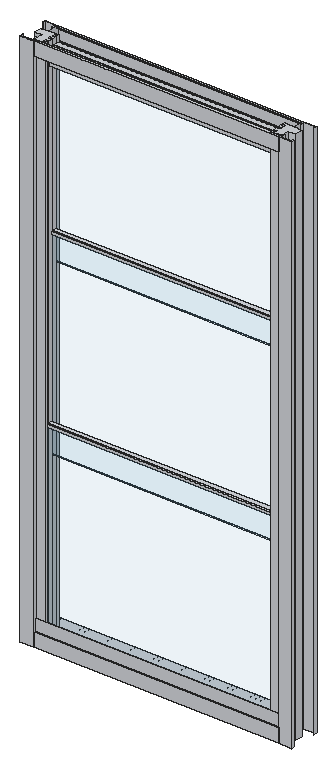
Revit family "ProVista™ Sashless Double Hung Window- SFS FSS SSF FSF", category Windows, host Wall, Revit 2021
Family settings
  Host = Wall
  OmniClass Number = 23.30.20.00
  OmniClass Title = Windows
  Always vertical = Yes
  Cut with Voids When Loaded = No
  Shared = No
  Room Calculation Point = No
Parameters (values of type "SFS")
  YEAR = "2022"  # constant formula
  X1 = 100.000 mm  # constant formula
  Width = 0.000 mm  # constant formula
  URL = "https://www.alspec.com.au/provista-sashless-double-hung-window"
  TOLERANCE = 0.000 mm  # constant formula
  SSF [instance] = yes
  SINGLE GLAZED THICKNESS = 6.000 mm  # constant formula
  SFS [instance] = yes
  Rough Width = 0.000 mm  # constant formula
  Rough Height = 0.000 mm  # constant formula
  Overall Width [instance] = 900.000 mm
  Overall Height [instance] = 1800.000 mm
  Offset [instance] = 0.000 mm
  Model = "ProVista™ Sashless Double Hung Window- SFS FSS SSF FSF"  # constant formula
  Manufacturer = "ALSPEC"
  Height = 0.000 mm  # constant formula
  Glazing Material [instance] = Glass
  Frame Material [instance] = none
  FSS [instance] = yes
  FSF [instance] = yes
  FRAME THICKNESS = 101.600 mm  # constant formula
  Default Sill Height = 900.000 mm
  Wall Closure = By host
  CREATOR = "Viraj Mhatre"  # constant formula
  COMPANY = "ALSPEC"  # constant formula
  BOT PANEL POSITION = 51.500 mm  # constant formula
Types (2, lengths in mm): name | URL | Overall Width | Overall Height | Offset
  TYPICAL | "WWW.ALSPEC.COM.AU" | 1200.000 | 2000.000 | 10.000
  SFS | "https://www.alspec.com.au/provista-sashless-double-hung-window" | 900.000 | 1800.000 | 0.000
Reference planes
  plane 1 "Center (Front/Back)": y = 0
  plane 2 "Center (Left/Right)": x = 0
  plane 3 "Left": x = 0
  plane 4 "Right": x = 0
  plane 5 "Sill": z = 900
  plane 6 "Head": z = 900
  plane 7 "Exterior": y = 100
  plane 8 "Interior": y = -100
  plane 9: x = -450
  plane 10: x = 450
  plane 11: y = 100
  plane 12: z = 900
  plane 13: z = 951.5
  plane 14: y = -1.6
  plane 15: y = 53.2
  plane 16: x = -383.506
  plane 17: x = -405.5
  plane 18: x = 383.506
  plane 19: x = 405.5
  plane 20: z = 2700
  plane 21: x = -343.006
  plane 22: x = 343.006
  plane 23: z = 2646.5
  plane 24 "Panel 2": y = 35.12
  plane 25: y = 17.52
  plane 26: z = 1466.5
  plane 27: z = 1566.5
  plane 28: z = 2081.5
  plane 29: z = 1516.5
  plane 30: z = 2131.5
  plane 31: z = 2031.5
  plane 32: z = 2389
  plane 33: z = 1799
  plane 34: z = 1209
Forms (mm)
  Sweep 1, solid, material <- "Frame Material"
    path origin (-2077.482, 53.2, 1000) x (-1, 0, 0) y (0, 0, 1)
      loop
        line (-1627.482, -100) -> (-1627.482, 1700)
    profile "PV_JAMB FRAME : JAMB FRAME" origin (-450, 53.2, 1800) x (1, 0, 0) y (0, 1, 0)
      loop
        line (0, -54.79) -> (44.5, -54.79) -> (44.5, -46.197) -> (76.465, -46.197) -> (76.465, -38.752) -> (66.494, -38.926) -> (66.494, -32.419) -> (76.465, -32.593) -> (76.465, -21.156) -> (66.504, -21.329) -> (66.504, -14.823) -> (76.465, -14.997) -> (76.465, -3.074) -> (66.504, -3.248) -> (66.504, 3.259) -> (76.465, 3.085) -> (76.465, 9.937) -> (44.5, 9.937) -> (44.5, 46.81) -> (0, 46.81) -> (0, 38.06) -> (3, 38.06) -> (3, 44.96) -> (42.3, 44.96) -> (42.3, 37.955) -> (37.206, 37.955) -> (37.206, 30.265) -> (42.5, 30.265) -> (42.5, 9.946) -> (17.9, 6.926) -> (17.9, -14.906) -> (42.5, -17.926) -> (42.5, -38.245) -> (37.206, -38.245) -> (37.206, -45.928) -> (42.3, -45.928) -> (42.3, -52.94) -> (3, -52.94) -> (3, -46.04) -> (0, -46.04) -> (0, -54.79)
  Sweep 2, solid, material <- "Frame Material"
    path origin (-2077.482, 53.2, 1000) x (-1, 0, 0) y (0, 0, 1)
      loop
        line (-2527.482, -100) -> (-2527.482, 1700)
    profile "PV_JAMB FRAME : JAMB FRAME" origin (450, 53.2, 1800) x (1, 0, 0) y (0, 1, 0)
      loop
        line (0, -54.79) -> (0, -46.04) -> (-3, -46.04) -> (-3, -52.94) -> (-42.3, -52.94) -> (-42.3, -45.928) -> (-37.206, -45.928) -> (-37.206, -38.245) -> (-42.5, -38.245) -> (-42.5, -17.926) -> (-17.9, -14.906) -> (-17.9, 6.926) -> (-42.5, 9.946) -> (-42.5, 30.265) -> (-37.206, 30.265) -> (-37.206, 37.955) -> (-42.3, 37.955) -> (-42.3, 44.96) -> (-3, 44.96) -> (-3, 38.06) -> (0, 38.06) -> (0, 46.81) -> (-44.5, 46.81) -> (-44.5, 9.937) -> (-76.465, 9.937) -> (-76.465, 3.085) -> (-66.504, 3.259) -> (-66.504, -3.248) -> (-76.465, -3.074) -> (-76.465, -14.997) -> (-66.504, -14.823) -> (-66.504, -21.329) -> (-76.465, -21.156) -> (-76.465, -32.593) -> (-66.494, -32.419) -> (-66.494, -38.926) -> (-76.465, -38.752) -> (-76.465, -46.197) -> (-44.5, -46.197) -> (-44.5, -54.79) -> (0, -54.79)
  Sweep 3, solid, material <- "Frame Material"
    path origin (-172.583, 264.351, 2700) x (0, 1, 0) y (-1, 0, 0)
      loop
        line (-211.151, 232.917) -> (-211.151, -578.083)
    profile "PV_HEAD FRAME : HEAD FRAME" origin (0, 53.2, 2700) x (0, 1, 0) y (0, 0, 1)
      loop
        line (46.8, -44.5) -> (46.8, 0) -> (38.05, 0) -> (38.05, -3) -> (44.95, -3) -> (44.95, -42.3) -> (37.938, -42.3) -> (37.938, -37.206) -> (30.255, -37.206) -> (30.255, -42.5) -> (9.936, -42.5) -> (7.11, -19.481)
        arc (7.11, -19.481) -> (6.516, -18.352) -> (5.323, -17.9) r 1.8
        line (5.323, -17.9) -> (-13.323, -17.9)
        arc (-13.323, -17.9) -> (-14.516, -18.352) -> (-15.11, -19.481) r 1.8
        line (-15.11, -19.481) -> (-17.936, -42.5) -> (-38.255, -42.5) -> (-38.255, -37.206) -> (-45.945, -37.206) -> (-45.945, -42.3) -> (-52.95, -42.3) -> (-52.95, -3) -> (-46.05, -3) -> (-46.05, 0) -> (-54.8, 0) -> (-54.8, -44.5) -> (-30.54, -44.5) -> (-30.54, -73.5) -> (-8.635, -73.5) -> (-8.635, -65.5) -> (-10.635, -65.5) -> (-10.635, -48.5) -> (9.165, -48.5) -> (9.165, -65.5) -> (7.665, -65.5) -> (7.665, -74.504) -> (10.665, -74.504) -> (10.665, -46) -> (24.26, -46) -> (24.26, -52) -> (25.46, -52) -> (25.46, -44.5) -> (46.8, -44.5)
  Sweep 4, solid, material <- "Frame Material"
    path origin (894.648, 265, 900) x (1, 0, 0) y (0, 1, 0)
      loop
        line (-1300.148, -211.8) -> (-489.148, -211.8)
    profile "PV_SILL FRAME_3 PANELS : SILL FRAME" origin (0, 53.2, 900) x (0, 1, 0) y (0, 0, 1)
      loop
        line (46.8, 44.5) -> (-6.935, 44.5) -> (-6.935, 46.5) -> (-46.74, 46.5) -> (-46.74, 71.3) -> (-44.44, 71.3) -> (-44.44, 82.5) -> (-48.14, 82.5) -> (-48.14, 44.5) -> (-54.8, 44.5) -> (-54.8, 0) -> (-46.05, 0) -> (-46.05, 3) -> (-52.95, 3) -> (-52.95, 42.3) -> (-45.95, 42.3) -> (-45.95, 37.206) -> (-38.25, 37.206) -> (-38.25, 42.5) -> (-17.936, 42.5) -> (-14.916, 17.9) -> (6.916, 17.9) -> (9.936, 42.5) -> (30.25, 42.5) -> (30.25, 37.206) -> (37.95, 37.206) -> (37.95, 42.3) -> (44.95, 42.3) -> (44.95, 3) -> (38.05, 3) -> (38.05, 0) -> (46.8, 0) -> (46.8, 44.5)
Lines and regions (mm)
  Opening 1
    outline origin (3500, -100, 0) x (1, 0, 0) y (0, 0, 1)
      loop
        line (-3500, 900) -> (-3500, 900)
      loop
        line (-3500, 900) -> (-3500, 900)
      loop
        line (-3500, 900) -> (-3500, 900)
      loop
        line (-3500, 900) -> (-3500, 900)
  Opening 2
    outline origin (-5000, -100, 0) x (1, 0, 0) y (0, 0, 1)
      loop
        line (5450, 2700) -> (4550, 2700) -> (4550, 900) -> (5450, 900) -> (5450, 2700)
Text (mm)
  text "EXTERIOR" at (-1963.203, 1332.353, 0), in view "Ref. Level"
  text "INTERIOR" at (-1981.466, -818.386, 0), in view "Ref. Level"
  text "Exterior" at (0, 923.751, 2943.296), in view "Right"
  text "Exterior" at (0, 1040.484, 2685.409), in view "Left"
Dimensions and locks
  equal spacing: plane 3 "Left", plane 2 "Center (Left/Right)", plane 4 "Right"
  "Rough Width": plane 3 "Left" to plane 4 "Right"
  "Rough Height": plane 5 "Sill" to plane 6 "Head"
  "Default Sill Height": plane 5 "Sill" to level
  locked: plane 7 "Exterior" to host wall
  locked: plane 8 "Interior" to host wall
  "Offset": plane 11 to plane 7 "Exterior"
  equal spacing: plane 9, plane 2 "Center (Left/Right)", plane 10
  "Overall Width": plane 9 to plane 10
  "BOT PANEL POSITION": plane 12 to plane 13
  "FRAME THICKNESS": plane 11 to plane 14
  locked: plane 9 to plane 17 at 44.5
  locked: plane 19 to plane 10 at 44.5
  locked: plane 17 to plane 16 at 21.994
  locked: plane 18 to plane 19 at 21.994
  locked: plane 11 to plane 15 at 46.8
  plane 5 "Sill" to plane 12 = 0.000 mm
  locked: plane 16 to plane 21 at 40.5
  locked: plane 22 to plane 18 at 40.5
  locked: plane 20 to plane 23 at 53.5
  locked: plane 15 to plane 24 "Panel 2" at 18.08
  locked: plane 24 "Panel 2" to plane 25 at 17.6
  equal spacing: plane 13, plane 29, plane 28, plane 23
  equal spacing: plane 31, plane 28, plane 30
  equal spacing: plane 26, plane 29, plane 27
  "X1": plane 26 to plane 27
  "X1": plane 31 to plane 30
  "Overall Height": plane 6 "Head" to plane 20
  equal spacing: plane 30, plane 32, plane 23
  equal spacing: plane 27, plane 33, plane 31
  equal spacing: plane 13, plane 34, plane 26
  aligned and locked: Sweep 1 sketch curve to plane 9
  aligned and locked: plane 12 to Sweep 1 sketch curve
  aligned and locked: plane 20 to Sweep 1 sketch curve
  aligned and locked: nested 1 to plane 15
  aligned and locked: Sweep 2 sketch curve to plane 10
  aligned and locked: plane 20 to Sweep 2 sketch curve
  aligned and locked: plane 12 to Sweep 2 sketch curve
  aligned and locked: Sweep 3 sketch curve to plane 15
  aligned and locked: plane 17 to Sweep 3 sketch curve
  aligned and locked: plane 19 to Sweep 3 sketch curve
  aligned and locked: Sweep 4 sketch curve to plane 15
  aligned and locked: nested 3 to plane 20
  aligned and locked: nested 3 to plane 15
  aligned and locked: nested 4 to plane 12
  aligned and locked: nested 4 to plane 15
  aligned and locked: nested 5 to plane 15
  aligned and locked: plane 9 to nested 5
  aligned and locked: plane 15 to nested 6
  aligned and locked: plane 10 to nested 6
  aligned and locked: nested 2 to plane 25
  aligned and locked: nested 9 to plane 24 "Panel 2"
  aligned and locked: plane 20 to Opening 2 sketch curve
  aligned and locked: plane 10 to Opening 2 sketch curve
  aligned and locked: plane 5 "Sill" to Opening 2 sketch curve
  aligned and locked: Opening 2 sketch curve to plane 9
  aligned and locked: plane 27 to nested 2
  aligned and locked: plane 13 to nested 2
  aligned and locked: plane 30 to nested 9
  aligned and locked: plane 31 to nested 1
  aligned and locked: plane 23 to nested 1
  aligned and locked: plane 26 to nested 9
  aligned and locked: plane 16 to nested 2
  aligned and locked: plane 18 to nested 2
  aligned and locked: plane 16 to nested 1
  aligned and locked: plane 16 to nested 9
  aligned and locked: plane 18 to nested 9
  aligned and locked: plane 18 to nested 1
  aligned and locked: nested 8 to plane 4 "Right"
  aligned and locked: plane 4 "Right" to nested 10
  aligned and locked: plane 4 "Right" to nested 7
  aligned and locked: plane 34 to nested 7
  aligned and locked: nested 10 to plane 33
  aligned and locked: nested 8 to plane 32
  aligned and locked: plane 2 "Center (Left/Right)" to nested 11
  aligned and locked: nested 12 to plane 2 "Center (Left/Right)"
  aligned and locked: plane 2 "Center (Left/Right)" to nested 13
  aligned and locked: nested 11 to plane 32
  aligned and locked: nested 12 to plane 33
  aligned and locked: plane 34 to nested 13
  aligned and locked: nested 17 to plane 32
  aligned and locked: plane 33 to nested 18
  aligned and locked: nested 19 to plane 34
  aligned and locked: nested 17 to plane 2 "Center (Left/Right)"
  aligned and locked: plane 2 "Center (Left/Right)" to nested 18
  aligned and locked: plane 2 "Center (Left/Right)" to nested 19
  aligned and locked: plane 33 to nested 16
  aligned and locked: nested 15 to plane 33
  aligned and locked: nested 14 to plane 32
  aligned and locked: nested 20 to plane 34
  aligned and locked: plane 2 "Center (Left/Right)" to nested 14
  aligned and locked: plane 2 "Center (Left/Right)" to nested 16
  aligned and locked: nested 15 to plane 2 "Center (Left/Right)"
  aligned and locked: plane 2 "Center (Left/Right)" to nested 20
Automatic sketch dimensions
  Opening 1 sketch curve to plane 3 "Left" = 0.000 mm
  Opening 1 sketch curve to plane 4 "Right" = 0.000 mm
  Opening 1 sketch curve to plane 5 "Sill" = 0.000 mm
  Opening 1 sketch curve to plane 6 "Head" = 0.000 mm
  Sweep 4 sketch curve to plane 17 = 0.000 mm
  Sweep 4 sketch curve to plane 19 = 0.000 mm
Nested families
  nested 1: "PV_SLIDING_GLAZED PANEL" at (0, 53.2, 2031.5), type "SLIDING_GLAZED PANEL"
    with PANEL WIDTH 767.012 mm, PANEL HEIGHT 615.000 mm, LAP SEAL no, GLAZED WIDTH 767.012 mm
  nested 2: "PV_SLIDING_GLAZED PANEL" at (0, 17.52, 951.5), type "SLIDING_GLAZED PANEL"
    with PANEL WIDTH 767.012 mm, PANEL HEIGHT 615.000 mm, LAP SEAL yes, GLAZED WIDTH 767.012 mm
  nested 3: "DETAIL_PV_HEAD FRAME" at (0, 53.2, 2700) x (0, -1, 0) z (-1, 0, 0), type "HEAD FRAME"
  nested 4: "DETAIL_PV_SILL FRAME_3 PANELS" at (0, 53.2, 900) x (0, -1, 0) z (-1, 0, 0), type "SILL FRAME"
  nested 5: "DETAIL_PV_JAMB FRAME" at (-450, 53.2, 2700), type "JAMB FRAME"
  nested 6: "DETAIL_PV_JAMB FRAME" at (450, 53.2, 2700) x (-1, 0, 0) z (0, 0, 1), type "JAMB FRAME"
  nested 7: "DETAIL_ARROW" at (0, 100, 1209) x (0, 0, 1) z (0, 1, 0), visible <- "SFS", type "DETAIL_ARROW"
  nested 8: "DETAIL_ARROW" at (0, 100, 2389) x (0, 0, -1) z (0, 1, 0), visible <- "SFS", type "DETAIL_ARROW"
  nested 9: "PV_SLIDING_GLAZED PANEL" at (0, 35.12, 1466.5), type "SLIDING_GLAZED PANEL"
    with PANEL WIDTH 767.012 mm, PANEL HEIGHT 665.000 mm, LAP SEAL yes, GLAZED WIDTH 767.012 mm
  nested 10: "DETAIL_FIXDED" at (0, 100, 1799) x (-1, 0, 0) z (0, 1, 0), visible <- "SFS", type "DETAIL_FIXDED"
  nested 11: "DETAIL_FIXDED" at (0, 100, 2389) x (-1, 0, 0) z (0, 1, 0), visible <- "FSS", type "DETAIL_FIXDED"
  nested 12: "DETAIL_ARROW" at (0, 100, 1799) x (0, 0, -1) z (0, 1, 0), visible <- "FSS", type "DETAIL_ARROW"
  nested 13: "DETAIL_ARROW" at (0, 100, 1209) x (0, 0, 1) z (0, 1, 0), visible <- "FSS", type "DETAIL_ARROW"
  nested 14: "DETAIL_FIXDED" at (0, 100, 2389) x (-1, 0, 0) z (0, 1, 0), visible <- "FSF", type "DETAIL_FIXDED"
  nested 15: "DETAIL_ARROW" at (0, 100, 1799) x (0, 0, -1) z (0, 1, 0), visible <- "FSF", type "DETAIL_ARROW"
  nested 16: "DETAIL_ARROW" at (0, 100, 1799) x (0, 0, 1) z (0, 1, 0), visible <- "FSF", type "DETAIL_ARROW"
  nested 17: "DETAIL_ARROW" at (0, 100, 2389) x (0, 0, -1) z (0, 1, 0), visible <- "SSF", type "DETAIL_ARROW"
  nested 18: "DETAIL_ARROW" at (0, 100, 1799) x (0, 0, 1) z (0, 1, 0), visible <- "SSF", type "DETAIL_ARROW"
  nested 19: "DETAIL_FIXDED" at (0, 100, 1209) x (-1, 0, 0) z (0, 1, 0), visible <- "SSF", type "DETAIL_FIXDED"
  nested 20: "DETAIL_FIXDED" at (0, 100, 1209) x (-1, 0, 0) z (0, 1, 0), visible <- "FSF", type "DETAIL_FIXDED"
Definition of nested family "PV_SLIDING_GLAZED PANEL"
  Parameters (values of type "SLIDING_GLAZED PANEL")
    YEAR = "2022"  # constant formula
    TODAYS DATE = "27/05/2022"  # constant formula
    SINGLE GLAZED THICKNESS = 6.000 mm
    PANEL WIDTH [instance] = 1067.000 mm
    PANEL HEIGHT [instance] = 698.167 mm
    LAP SEAL [instance] = no
    JAMP WIDTH = 0.000 mm  # constant formula
    HEAD_JAMP HEIGHT = 0.000 mm  # constant formula
    GLAZED WIDTH [instance] = 1067.000 mm
    GLAZED RAIL MATERIAL = none
    GLAZED MATERIAL = none
    Define Thermal Properties by = 1
    Default Elevation = 1219.200 mm
    CREATOR = "Viraj Mhatre"  # constant formula
    COMPANY = "ALSPEC"  # constant formula
    BOTTOM_JAMP HEIGHT = 0.000 mm  # constant formula
    Analytic Construction = "<None>"
    AIR POCKET = 5.000 mm
    A = 0.000 mm
  Reference planes
    plane 1 "Center (Front/Back)": y = 0
    plane 2: z = 0
    plane 3 "Center (Left/Right)": x = 0
    plane 4: x = -533.5
    plane 5: x = 533.5
    plane 6: x = -533.5
    plane 7: x = 533.5
    plane 8: z = 698.167
    plane 9: z = 698.167
    plane 10: z = 0
    plane 11: z = 349.083
    plane 12: x = -533.5
    plane 13: x = 533.5
    plane 14: z = 0
    plane 15: z = 698.167
  Forms (mm)
    Extrusion 1, solid, material <- "GLAZED MATERIAL"
      sketch origin (0, 0, 0) x (1, 0, 0) y (0, 1, 0)
        loop
          line (-533.5, 3) -> (-533.5, -3) -> (533.5, -3) -> (533.5, 3) -> (-533.5, 3)
      from 0 to 698.167
    Sweep 2, solid, visible <- "LAP SEAL"
      path origin (-1239.886, -1524, 698.167) x (-1, 0, 0) y (0, -1, 0)
        loop
          line (-706.386, -1524) -> (-1773.386, -1524)
      profile "PV_SGL_LAP SEAL : LAP SEAL" origin (0, 0, 698.167) x (0, 1, 0) y (0, 0, 1)
        loop
          arc (-3.238, -0.403) -> (0.002, 0) -> (3.211, -0.598) r 10.646
          line (3.211, -0.598) -> (3.211, -9.48) -> (4.611, -9.48) -> (4.611, 0.333) -> (9.538, 0.924) -> (10.477, -5.757) -> (14.042, -5.256) -> (12.89, 2.937) -> (0.778, 1.485)
          arc (0.778, 1.485) -> (-1.975, 1.29) -> (-4.639, 0.566) r 14.199
          line (-4.639, 0.566) -> (-4.639, -9.48) -> (-3.238, -9.48) -> (-3.238, -0.403)
  Dimensions and locks
    equal spacing: plane 4, plane 3 "Center (Left/Right)", plane 5
    "PANEL WIDTH": plane 4 to plane 5
    "PANEL HEIGHT": plane 8 to plane 2
    equal spacing: Extrusion 1 sketch curve, plane 1 "Center (Front/Back)", Extrusion 1 sketch curve
    "SINGLE GLAZED THICKNESS": Extrusion 1 sketch curve to Extrusion 1 sketch curve
    equal spacing: plane 8, plane 11, plane 2
    "JAMP WIDTH": plane 4 to plane 12
    "JAMP WIDTH": plane 13 to plane 5
    "HEAD_JAMP HEIGHT": plane 8 to plane 9
    "A": plane 13 to plane 7
    "BOTTOM_JAMP HEIGHT": plane 2 to plane 10
    "A": plane 6 to plane 12
    "A": plane 10 to plane 14
    "A": plane 15 to plane 9
    "GLAZED WIDTH": plane 6 to plane 7
    aligned and locked: level to plane 2
    aligned and locked: plane 6 to Extrusion 1 sketch curve
    aligned and locked: Extrusion 1 sketch curve to plane 7
    aligned and locked: plane 15 to Extrusion 1
    aligned and locked: Extrusion 1 to plane 14
    aligned and locked: plane 12 to Sweep 2 sketch curve
    aligned and locked: plane 13 to Sweep 2 sketch curve
  Automatic sketch dimensions
    plane 1 "Center (Front/Back)" to Sweep 2 sketch curve = 0.000 mm
Definition of nested family "DETAIL_PV_HEAD FRAME"
  Reference planes
    plane 1 "Center (Front/Back)": y = 0
    plane 2: z = 0
    plane 3 "Center (Left/Right)": x = 0
  Lines and regions (mm)
    Masking region 1, in view "Ref. Level", detail levels coarse
      outline origin (0, 0, 0) x (1, 0, 0) y (0, 1, 0)
        loop
          line (-46.8, -44.5) -> (-25.46, -44.5) -> (-25.46, -46) -> (-10.665, -46) -> (-10.665, -74.504) -> (-7.665, -74.504) -> (-7.665, -65.5) -> (-9.165, -65.5) -> (-9.165, -48.5) -> (10.635, -48.5) -> (10.635, -65.5) -> (8.635, -65.5) -> (8.635, -73.5) -> (30.54, -73.5) -> (30.54, -44.5) -> (54.8, -44.5) -> (54.8, 0) -> (-46.8, 0) -> (-46.8, -44.5)
    detail lines, in view "Ref. Level", detail levels medium
      curve 1: line (-46.8, -44.5, 0) -> (-46.8, 0, 0)
      curve 2: line (-25.46, -44.5, 0) -> (-46.8, -44.5, 0)
      curve 3: line (-25.46, -52, 0) -> (-25.46, -44.5, 0)
      curve 4: line (-25.46, -52, 0) -> (-24.26, -52, 0)
      curve 5: line (-24.26, -52, 0) -> (-24.26, -46, 0)
      curve 6: line (-24.26, -46, 0) -> (-10.665, -46, 0)
      curve 7: line (-10.665, -74.504, 0) -> (-10.665, -46, 0)
      curve 8: line (-10.665, -74.504, 0) -> (-7.665, -74.504, 0)
      curve 9: line (-7.665, -65.5, 0) -> (-7.665, -74.504, 0)
      curve 10: line (-9.165, -65.5, 0) -> (-7.665, -65.5, 0)
      curve 11: line (-9.165, -48.5, 0) -> (-9.165, -65.5, 0)
      curve 12: line (10.635, -48.5, 0) -> (-9.165, -48.5, 0)
      curve 13: line (10.635, -65.5, 0) -> (10.635, -48.5, 0)
      curve 14: line (10.635, -65.5, 0) -> (8.635, -65.5, 0)
      curve 15: line (8.635, -73.5, 0) -> (8.635, -65.5, 0)
      curve 16: line (30.54, -73.5, 0) -> (8.635, -73.5, 0)
      curve 17: line (30.54, -44.5, 0) -> (30.54, -73.5, 0)
      curve 18: line (54.8, -44.5, 0) -> (30.54, -44.5, 0)
      curve 19: line (54.8, 0, 0) -> (54.8, -44.5, 0)
      curve 20: line (54.8, 0, 0) -> (46.05, 0, 0)
      curve 21: line (46.05, -3, 0) -> (46.05, 0, 0)
      curve 22: line (52.95, -3, 0) -> (46.05, -3, 0)
      curve 23: line (52.95, -42.3, 0) -> (52.95, -3, 0)
      curve 24: line (-46.8, 0, 0) -> (-38.05, 0, 0)
      curve 25: line (-38.05, -3, 0) -> (-38.05, 0, 0)
      curve 26: line (-38.05, -3, 0) -> (-44.95, -3, 0)
      curve 27: line (-44.95, -3, 0) -> (-44.95, -42.3, 0)
      curve 28: line (-44.95, -42.3, 0) -> (-37.938, -42.3, 0)
      curve 29: line (-37.938, -37.206, 0) -> (-37.938, -42.3, 0)
      curve 30: line (-30.255, -37.206, 0) -> (-30.255, -42.5, 0)
      curve 31: line (-37.938, -37.206, 0) -> (-30.255, -37.206, 0)
      curve 32: line (-9.936, -42.5, 0) -> (-7.11, -19.481, 0)
      curve 33: arc (-5.323, -17.9, 0) -> (-6.516, -18.352, 0) -> (-7.11, -19.481, 0) r 1.8
      curve 34: line (-5.323, -17.9, 0) -> (13.323, -17.9, 0)
      curve 35: line (15.11, -19.481, 0) -> (17.936, -42.5, 0)
      curve 36: line (45.945, -42.3, 0) -> (52.95, -42.3, 0)
      curve 37: line (38.255, -42.5, 0) -> (38.255, -37.206, 0)
      curve 38: line (45.945, -42.3, 0) -> (45.945, -37.206, 0)
      curve 39: line (38.255, -37.206, 0) -> (45.945, -37.206, 0)
      curve 40: line (17.936, -42.5, 0) -> (38.255, -42.5, 0)
      curve 41: line (-30.255, -42.5, 0) -> (-9.936, -42.5, 0)
      curve 42: arc (15.11, -19.481, 0) -> (14.516, -18.352, 0) -> (13.323, -17.9, 0) r 1.8
    detail lines, in view "Ref. Level", not visible, detail levels medium
      curve 43: line (-46.8, -44.5, 0) -> (-46.8, 0, 0)
      curve 44: line (-25.46, -44.5, 0) -> (-46.8, -44.5, 0)
      curve 45: line (-25.46, -52, 0) -> (-25.46, -44.5, 0)
      curve 46: line (-25.46, -52, 0) -> (-24.26, -52, 0)
      curve 47: line (-24.26, -52, 0) -> (-24.26, -46, 0)
      curve 48: line (-24.26, -46, 0) -> (-10.665, -46, 0)
      curve 49: line (-10.665, -74.504, 0) -> (-10.665, -46, 0)
      curve 50: line (-10.665, -74.504, 0) -> (-7.665, -74.504, 0)
      curve 51: line (-7.665, -65.5, 0) -> (-7.665, -74.504, 0)
      curve 52: line (-9.165, -65.5, 0) -> (-7.665, -65.5, 0)
      curve 53: line (-9.165, -48.5, 0) -> (-9.165, -65.5, 0)
      curve 54: line (10.635, -48.5, 0) -> (-9.165, -48.5, 0)
      curve 55: line (10.635, -65.5, 0) -> (10.635, -48.5, 0)
      curve 56: line (10.635, -65.5, 0) -> (8.635, -65.5, 0)
      curve 57: line (8.635, -73.5, 0) -> (8.635, -65.5, 0)
      curve 58: line (30.54, -73.5, 0) -> (8.635, -73.5, 0)
      curve 59: line (30.54, -44.5, 0) -> (30.54, -73.5, 0)
      curve 60: line (54.8, -44.5, 0) -> (30.54, -44.5, 0)
      curve 61: line (54.8, 0, 0) -> (54.8, -44.5, 0)
      curve 62: line (54.8, 0, 0) -> (46.05, 0, 0)
      curve 63: line (46.05, -3, 0) -> (46.05, 0, 0)
      curve 64: line (52.95, -3, 0) -> (46.05, -3, 0)
      curve 65: line (52.95, -42.3, 0) -> (52.95, -3, 0)
      curve 66: line (-46.8, 0, 0) -> (-38.05, 0, 0)
      curve 67: line (-38.05, -3, 0) -> (-38.05, 0, 0)
      curve 68: line (-38.05, -3, 0) -> (-44.95, -3, 0)
      curve 69: line (-44.95, -3, 0) -> (-44.95, -42.3, 0)
      curve 70: line (-44.95, -42.3, 0) -> (-37.938, -42.3, 0)
      curve 71: line (-37.938, -37.206, 0) -> (-37.938, -42.3, 0)
      curve 72: line (-30.255, -37.206, 0) -> (-30.255, -42.5, 0)
      curve 73: line (-37.938, -37.206, 0) -> (-30.255, -37.206, 0)
      curve 74: line (-9.936, -42.5, 0) -> (-7.11, -19.481, 0)
      curve 75: arc (-5.323, -17.9, 0) -> (-6.516, -18.352, 0) -> (-7.11, -19.481, 0) r 1.8
      curve 76: line (-5.323, -17.9, 0) -> (13.323, -17.9, 0)
      curve 77: line (15.11, -19.481, 0) -> (17.936, -42.5, 0)
      curve 78: line (45.945, -42.3, 0) -> (52.95, -42.3, 0)
      curve 79: line (38.255, -42.5, 0) -> (38.255, -37.206, 0)
      curve 80: line (45.945, -42.3, 0) -> (45.945, -37.206, 0)
      curve 81: line (38.255, -37.206, 0) -> (45.945, -37.206, 0)
      curve 82: line (17.936, -42.5, 0) -> (38.255, -42.5, 0)
      curve 83: line (-30.255, -42.5, 0) -> (-9.936, -42.5, 0)
      curve 84: arc (15.11, -19.481, 0) -> (14.516, -18.352, 0) -> (13.323, -17.9, 0) r 1.8
Definition of nested family "DETAIL_PV_SILL FRAME_3 PANELS"
  Reference planes
    plane 1 "Center (Front/Back)": y = 0
    plane 2: z = 0
    plane 3 "Center (Left/Right)": x = 0
  Lines and regions (mm)
    Masking region 1, in view "Ref. Level", detail levels coarse
      outline origin (0, 0, 0) x (1, 0, 0) y (0, 1, 0)
        loop
          line (-46.8, 44.5) -> (-46.8, 0) -> (54.8, 0) -> (54.8, 44.5) -> (48.141, 44.5) -> (48.141, 82.5) -> (44.441, 82.5) -> (44.441, 71.3) -> (46.741, 71.3) -> (46.741, 46.5) -> (6.937, 46.5) -> (6.937, 44.5) -> (-46.8, 44.5)
    detail lines, in view "Ref. Level", detail levels medium
      curve 1: line (-46.8, 44.5, 0) -> (-46.8, 0, 0)
      curve 2: line (6.937, 44.5, 0) -> (-46.8, 44.5, 0)
      curve 3: line (6.937, 46.5, 0) -> (6.937, 44.5, 0)
      curve 4: line (46.741, 46.5, 0) -> (6.937, 46.5, 0)
      curve 5: line (46.741, 71.3, 0) -> (46.741, 46.5, 0)
      curve 6: line (44.441, 71.3, 0) -> (46.741, 71.3, 0)
      curve 7: line (44.441, 82.5, 0) -> (44.441, 71.3, 0)
      curve 8: line (48.141, 82.5, 0) -> (44.441, 82.5, 0)
      curve 9: line (48.141, 44.5, 0) -> (48.141, 82.5, 0)
      curve 10: line (54.8, 44.5, 0) -> (48.141, 44.5, 0)
      curve 11: line (54.8, 0, 0) -> (54.8, 44.5, 0)
      curve 12: line (46.05, 3, 0) -> (46.05, 0, 0)
      curve 13: line (54.8, 0, 0) -> (46.05, 0, 0)
      curve 14: line (52.95, 3, 0) -> (46.05, 3, 0)
      curve 15: line (52.95, 42.3, 0) -> (52.95, 3, 0)
      curve 16: line (45.95, 42.3, 0) -> (52.95, 42.3, 0)
      curve 17: line (45.95, 42.3, 0) -> (45.95, 37.206, 0)
      curve 18: line (38.25, 42.5, 0) -> (38.25, 37.206, 0)
      curve 19: line (38.25, 37.206, 0) -> (45.95, 37.206, 0)
      curve 20: line (-30.25, 42.5, 0) -> (-30.25, 37.206, 0)
      curve 21: line (-37.95, 42.3, 0) -> (-37.95, 37.206, 0)
      curve 22: line (-37.95, 37.206, 0) -> (-30.25, 37.206, 0)
      curve 23: line (-38.05, 3, 0) -> (-38.05, 0, 0)
      curve 24: line (-46.8, 0, 0) -> (-38.05, 0, 0)
      curve 25: line (-38.05, 3, 0) -> (-44.95, 3, 0)
      curve 26: line (-44.95, 3, 0) -> (-44.95, 42.3, 0)
      curve 27: line (-44.95, 42.3, 0) -> (-37.95, 42.3, 0)
      curve 28: line (-30.25, 42.5, 0) -> (-9.936, 42.5, 0)
      curve 29: line (-9.936, 42.5, 0) -> (-6.916, 17.9, 0)
      curve 30: line (-6.916, 17.9, 0) -> (14.916, 17.9, 0)
      curve 31: line (14.916, 17.9, 0) -> (17.936, 42.5, 0)
      curve 32: line (17.936, 42.5, 0) -> (38.25, 42.5, 0)
    detail lines, in view "Ref. Level", not visible, detail levels medium
      curve 33: line (-46.8, 44.5, 0) -> (-46.8, 0, 0)
      curve 34: line (6.937, 44.5, 0) -> (-46.8, 44.5, 0)
      curve 35: line (6.937, 46.5, 0) -> (6.937, 44.5, 0)
      curve 36: line (46.741, 46.5, 0) -> (6.937, 46.5, 0)
      curve 37: line (46.741, 71.3, 0) -> (46.741, 46.5, 0)
      curve 38: line (44.441, 71.3, 0) -> (46.741, 71.3, 0)
      curve 39: line (44.441, 82.5, 0) -> (44.441, 71.3, 0)
      curve 40: line (48.141, 82.5, 0) -> (44.441, 82.5, 0)
      curve 41: line (48.141, 44.5, 0) -> (48.141, 82.5, 0)
      curve 42: line (54.8, 44.5, 0) -> (48.141, 44.5, 0)
      curve 43: line (54.8, 0, 0) -> (54.8, 44.5, 0)
      curve 44: line (46.05, 3, 0) -> (46.05, 0, 0)
      curve 45: line (54.8, 0, 0) -> (46.05, 0, 0)
      curve 46: line (52.95, 3, 0) -> (46.05, 3, 0)
      curve 47: line (52.95, 42.3, 0) -> (52.95, 3, 0)
      curve 48: line (45.95, 42.3, 0) -> (52.95, 42.3, 0)
      curve 49: line (45.95, 42.3, 0) -> (45.95, 37.206, 0)
      curve 50: line (38.25, 42.5, 0) -> (38.25, 37.206, 0)
      curve 51: line (38.25, 37.206, 0) -> (45.95, 37.206, 0)
      curve 52: line (-30.25, 42.5, 0) -> (-30.25, 37.206, 0)
      curve 53: line (-37.95, 42.3, 0) -> (-37.95, 37.206, 0)
      curve 54: line (-37.95, 37.206, 0) -> (-30.25, 37.206, 0)
      curve 55: line (-38.05, 3, 0) -> (-38.05, 0, 0)
      curve 56: line (-46.8, 0, 0) -> (-38.05, 0, 0)
      curve 57: line (-38.05, 3, 0) -> (-44.95, 3, 0)
      curve 58: line (-44.95, 3, 0) -> (-44.95, 42.3, 0)
      curve 59: line (-44.95, 42.3, 0) -> (-37.95, 42.3, 0)
      curve 60: line (-30.25, 42.5, 0) -> (-9.936, 42.5, 0)
      curve 61: line (-9.936, 42.5, 0) -> (-6.916, 17.9, 0)
      curve 62: line (-6.916, 17.9, 0) -> (14.916, 17.9, 0)
      curve 63: line (14.916, 17.9, 0) -> (17.936, 42.5, 0)
      curve 64: line (17.936, 42.5, 0) -> (38.25, 42.5, 0)
Definition of nested family "DETAIL_PV_JAMB FRAME"
  Reference planes
    plane 1 "Center (Front/Back)": y = 0
    plane 2: z = 0
    plane 3 "Center (Left/Right)": x = 0
  Lines and regions (mm)
    Masking region 1, in view "Ref. Level", detail levels coarse
      outline origin (0, 0, 0) x (1, 0, 0) y (0, 1, 0)
        loop
          line (44.5, 46.81) -> (0, 46.81) -> (0, -54.79) -> (44.5, -54.79) -> (44.5, -46.197) -> (76.465, -46.197) -> (76.465, -38.752) -> (66.494, -38.926) -> (66.494, -32.419) -> (76.465, -32.593) -> (76.465, -21.156) -> (66.504, -21.329) -> (66.504, -14.823) -> (76.465, -14.997) -> (76.465, -3.074) -> (66.504, -3.248) -> (66.504, 3.259) -> (76.465, 3.085) -> (76.465, 9.937) -> (44.5, 9.937) -> (44.5, 46.81)
    detail lines, in view "Ref. Level", detail levels medium
      curve 1: line (0, -54.79, 0) -> (44.5, -54.79, 0)
      curve 2: line (44.5, -54.79, 0) -> (44.5, -46.197, 0)
      curve 3: line (76.465, -32.593, 0) -> (76.465, -21.156, 0)
      curve 4: line (76.465, -21.156, 0) -> (66.504, -21.329, 0)
      curve 5: line (66.504, -21.329, 0) -> (66.504, -14.823, 0)
      curve 6: line (66.504, -14.823, 0) -> (76.465, -14.997, 0)
      curve 7: line (76.465, -14.997, 0) -> (76.465, -3.074, 0)
      curve 8: line (66.504, -3.248, 0) -> (76.465, -3.074, 0)
      curve 9: line (66.504, 3.259, 0) -> (66.504, -3.248, 0)
      curve 10: line (76.465, 3.085, 0) -> (66.504, 3.259, 0)
      curve 11: line (76.465, 3.085, 0) -> (76.465, 9.937, 0)
      curve 12: line (76.465, 9.937, 0) -> (44.5, 9.937, 0)
      curve 13: line (44.5, 9.937, 0) -> (44.5, 46.81, 0)
      curve 14: line (44.5, 46.81, 0) -> (0, 46.81, 0)
      curve 15: line (3, 38.06, 0) -> (0, 38.06, 0)
      curve 16: line (0, 46.81, 0) -> (0, 38.06, 0)
      curve 17: line (3, 38.06, 0) -> (3, 44.96, 0)
      curve 18: line (3, 44.96, 0) -> (42.3, 44.96, 0)
      curve 19: line (42.3, 44.96, 0) -> (42.3, 37.955, 0)
      curve 20: line (42.5, 30.265, 0) -> (42.5, 9.946, 0)
      curve 21: line (42.5, 9.946, 0) -> (17.9, 6.926, 0)
      curve 22: line (17.9, 6.926, 0) -> (17.9, -14.906, 0)
      curve 23: line (17.9, -14.906, 0) -> (42.5, -17.926, 0)
      curve 24: line (42.5, -17.926, 0) -> (42.5, -38.245, 0)
      curve 25: line (42.3, -45.928, 0) -> (42.3, -52.94, 0)
      curve 26: line (42.3, -52.94, 0) -> (3, -52.94, 0)
      curve 27: line (3, -52.94, 0) -> (3, -46.04, 0)
      curve 28: line (3, -46.04, 0) -> (0, -46.04, 0)
      curve 29: line (0, -46.04, 0) -> (0, -54.79, 0)
      curve 30: line (42.3, -45.928, 0) -> (37.206, -45.928, 0)
      curve 31: line (42.5, -38.245, 0) -> (37.206, -38.245, 0)
      curve 32: line (37.206, -38.245, 0) -> (37.206, -45.928, 0)
      curve 33: line (42.5, 30.265, 0) -> (37.206, 30.265, 0)
      curve 34: line (37.206, 30.265, 0) -> (37.206, 37.955, 0)
      curve 35: line (42.3, 37.955, 0) -> (37.206, 37.955, 0)
      curve 71: line (66.494, -32.419, 0) -> (76.465, -32.593, 0)
      curve 72: line (76.465, -38.752, 0) -> (66.494, -38.926, 0)
      curve 73: line (66.494, -38.926, 0) -> (66.494, -32.419, 0)
      curve 74: line (76.465, -38.752, 0) -> (76.465, -46.197, 0)
      curve 75: line (76.465, -46.197, 0) -> (44.5, -46.197, 0)
    detail lines, in view "Ref. Level", not visible, detail levels medium
      curve 36: line (0, -54.79, 0) -> (44.5, -54.79, 0)
      curve 37: line (44.5, -54.79, 0) -> (44.5, -46.197, 0)
      curve 38: line (76.465, -32.593, 0) -> (76.465, -21.156, 0)
      curve 39: line (76.465, -21.156, 0) -> (66.504, -21.329, 0)
      curve 40: line (66.504, -21.329, 0) -> (66.504, -14.823, 0)
      curve 41: line (66.504, -14.823, 0) -> (76.465, -14.997, 0)
      curve 42: line (76.465, -14.997, 0) -> (76.465, -3.074, 0)
      curve 43: line (66.504, -3.248, 0) -> (76.465, -3.074, 0)
      curve 44: line (66.504, 3.259, 0) -> (66.504, -3.248, 0)
      curve 45: line (76.465, 3.085, 0) -> (66.504, 3.259, 0)
      curve 46: line (76.465, 3.085, 0) -> (76.465, 9.937, 0)
      curve 47: line (76.465, 9.937, 0) -> (44.5, 9.937, 0)
      curve 48: line (44.5, 9.937, 0) -> (44.5, 46.81, 0)
      curve 49: line (44.5, 46.81, 0) -> (0, 46.81, 0)
      curve 50: line (3, 38.06, 0) -> (0, 38.06, 0)
      curve 51: line (0, 46.81, 0) -> (0, 38.06, 0)
      curve 52: line (3, 38.06, 0) -> (3, 44.96, 0)
      curve 53: line (3, 44.96, 0) -> (42.3, 44.96, 0)
      curve 54: line (42.3, 44.96, 0) -> (42.3, 37.955, 0)
      curve 55: line (42.5, 30.265, 0) -> (42.5, 9.946, 0)
      curve 56: line (42.5, 9.946, 0) -> (17.9, 6.926, 0)
      curve 57: line (17.9, 6.926, 0) -> (17.9, -14.906, 0)
      curve 58: line (17.9, -14.906, 0) -> (42.5, -17.926, 0)
      curve 59: line (42.5, -17.926, 0) -> (42.5, -38.245, 0)
      curve 60: line (42.3, -45.928, 0) -> (42.3, -52.94, 0)
      curve 61: line (42.3, -52.94, 0) -> (3, -52.94, 0)
      curve 62: line (3, -52.94, 0) -> (3, -46.04, 0)
      curve 63: line (3, -46.04, 0) -> (0, -46.04, 0)
      curve 64: line (0, -46.04, 0) -> (0, -54.79, 0)
      curve 65: line (42.3, -45.928, 0) -> (37.206, -45.928, 0)
      curve 66: line (42.5, -38.245, 0) -> (37.206, -38.245, 0)
      curve 67: line (37.206, -38.245, 0) -> (37.206, -45.928, 0)
      curve 68: line (42.5, 30.265, 0) -> (37.206, 30.265, 0)
      curve 69: line (37.206, 30.265, 0) -> (37.206, 37.955, 0)
      curve 70: line (42.3, 37.955, 0) -> (37.206, 37.955, 0)
      curve 76: line (66.494, -32.419, 0) -> (76.465, -32.593, 0)
      curve 77: line (76.465, -38.752, 0) -> (66.494, -38.926, 0)
      curve 78: line (66.494, -38.926, 0) -> (66.494, -32.419, 0)
      curve 79: line (76.465, -38.752, 0) -> (76.465, -46.197, 0)
      curve 80: line (76.465, -46.197, 0) -> (44.5, -46.197, 0)
Definition of nested family "DETAIL_ARROW"
  Reference planes
    plane 1 "Center (Front/Back)": y = 0
    plane 2: z = 0
    plane 3 "Center (Left/Right)": x = 0
  Lines and regions (mm)
    detail lines, in view "Ref. Level"
      curve 1: line (-50, 10, 0) -> (50, 10, 0)
      curve 2: line (-50, -10, 0) -> (50, -10, 0)
      curve 3: line (-50, -10, 0) -> (-50, 10, 0)
      curve 4: line (50, 10, 0) -> (26.43, 33.57, 0)
      curve 5: line (50, -10, 0) -> (26.43, -33.57, 0)
      curve 6: line (88.284, 0, 0) -> (40.572, -47.712, 0)
      curve 7: line (88.284, 0, 0) -> (40.572, 47.712, 0)
      curve 8: line (26.43, 33.57, 0) -> (40.572, 47.712, 0)
      curve 9: line (26.43, -33.57, 0) -> (40.572, -47.712, 0)
Definition of nested family "DETAIL_FIXDED"
  Reference planes
    plane 1 "Center (Front/Back)": y = 0
    plane 2: z = 0
    plane 3 "Center (Left/Right)": x = 0
